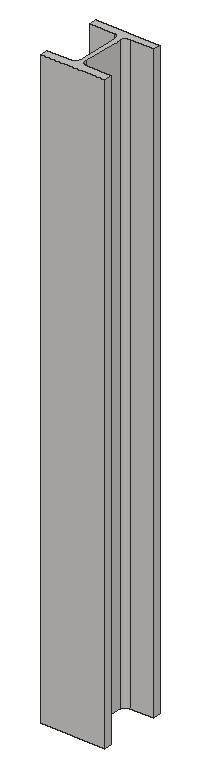
Revit family "NLRS_28_SC_HEM", category Structural Columns, Revit 2020
Family settings
  Section Shape = I-shape Wide Flange
  Material for Model Behavior = Steel
  Always export as geometry = No
  Beam cutback in plan = From bounding box
  Code Name = EURONORM 53-62; DIN 1025-4
  Cut with Voids When Loaded = No
  Symbolic Representation = From Project Settings
  Shared = No
  Show family pre-cut in plan views = Yes
Parameters (values of type "HEM260")
  Width = 268 mm
  Web Thickness = 18 mm
  Web Fillet = 24 mm
  Warping Constant = (empty or 0)
  Type Comments = ""
  Torsional Moment of Inertia = 0 cm⁴
  Structural Material [instance] = h3_Structural Steel - S235
  Section Name Key = "HEM260"
  Section Area = 220.0 cm²
  Plastic Modulus weak axis = 1192 cm³
  Plastic Modulus strong axis = 2524 cm³
  Perimeter = 5.1509 (stored number, unit not read)
  Nominal Weight = 1686.7 N/m
  Moment of Inertia weak axis = 10450 cm⁴
  Moment of Inertia strong axis = 31310 cm⁴
  Height = 290 mm
  Flange Thickness = 32.5 mm
  Elastic Modulus weak axis = 780 cm³
  Elastic Modulus strong axis = 2160 cm³
  Centroid Vertical = Height / 2  # 145 mm
  Centroid Horizontal = Width / 2  # 134 mm
  Bolt Spacing = 136 mm
  Assembly Code = "2B(28.10)"
Types (24, lengths in mm): name | Width | Web Thickness | Web Fillet | Section Name Key | Section Area | Plastic Modulus weak axis | Plastic Modulus strong axis | Perimeter | Nominal Weight | Moment of Inertia weak axis | Moment of Inertia strong axis | Height | Flange Thickness | Elastic Modulus weak axis | Elastic Modulus strong axis | Centroid Vertical | Centroid Horizontal | Bolt Spacing
  HEM260 | 268 | 18 | 24 | "HEM260" | 220.0 cm² | 1192 cm³ | 2524 cm³ | 5.1509 (stored number, unit not read) | 1686.7 N/m | 10450 cm⁴ | 31310 cm⁴ | 290 | 32.5 | 780 cm³ | 2160 cm³ | 145 | 134 | 136
  HEM1000 | 302 | 21 | 30 | "HEM1000" | 444.0 cm² | 1940 cm³ | 16570 cm³ | 10.269 (stored number, unit not read) | 3422.5 N/m | 18460 cm⁴ | 722300 cm⁴ | 1008 | 40 | 1220 cm³ | 14330 cm³ | 504 | 151 | 151
  HEM900 | 302 | 21 | 30 | "HEM900" | 424.0 cm² | 1929 cm³ | 14440 cm³ | 9.6129 (stored number, unit not read) | 3265.6 N/m | 18450 cm⁴ | 570400 cm⁴ | 910 | 40 | 1220 cm³ | 12540 cm³ | 455 | 151 | 151
  HEM800 | 303 | 21 | 30 | "HEM800" | 404.0 cm² | 1930 cm³ | 12490 cm³ | 9.0223 (stored number, unit not read) | 3108.7 N/m | 18630 cm⁴ | 442600 cm⁴ | 814 | 40 | 1230 cm³ | 10870 cm³ | 407 | 151.5 | 151
  HEM700 | 304 | 21 | 27 | "HEM700" | 383.0 cm² | 1929 cm³ | 10540 cm³ | 8.399 (stored number, unit not read) | 2951.8 N/m | 18800 cm⁴ | 329300 cm⁴ | 716 | 40 | 1240 cm³ | 9200 cm³ | 358 | 152 | 145
  HEM650 | 305 | 21 | 27 | "HEM650" | 374.0 cm² | 1936 cm³ | 9657 cm³ | 8.1037 (stored number, unit not read) | 2873.3 N/m | 18980 cm⁴ | 281700 cm⁴ | 668 | 40 | 1240 cm³ | 8430 cm³ | 334 | 152.5 | 145
  HEM600 | 305 | 21 | 27 | "HEM600" | 364.0 cm² | 1930 cm³ | 8772 cm³ | 7.7756 (stored number, unit not read) | 2794.9 N/m | 18970 cm⁴ | 237400 cm⁴ | 620 | 40 | 1240 cm³ | 7660 cm³ | 310 | 152.5 | 145
  HEM550 | 306 | 21 | 27 | "HEM550" | 354.0 cm² | 1937 cm³ | 7933 cm³ | 7.4803 (stored number, unit not read) | 2726.2 N/m | 19160 cm⁴ | 198000 cm⁴ | 572 | 40 | 1250 cm³ | 6920 cm³ | 286 | 153 | 145
  HEM500 | 306 | 21 | 27 | "HEM500" | 344.0 cm² | 1932 cm³ | 7094 cm³ | 7.1522 (stored number, unit not read) | 2647.8 N/m | 19150 cm⁴ | 161900 cm⁴ | 524 | 40 | 1250 cm³ | 6180 cm³ | 262 | 153 | 145
  HEM450 | 307 | 21 | 27 | "HEM450" | 335.0 cm² | 1939 cm³ | 6331 cm³ | 6.8898 (stored number, unit not read) | 2579.1 N/m | 19340 cm⁴ | 131500 cm⁴ | 478 | 40 | 1260 cm³ | 5500 cm³ | 239 | 153.5 | 145
  HEM400 | 307 | 21 | 27 | "HEM400" | 326.0 cm² | 1934 cm³ | 5571 cm³ | 6.5617 (stored number, unit not read) | 2510.5 N/m | 19330 cm⁴ | 104100 cm⁴ | 432 | 40 | 1260 cm³ | 4820 cm³ | 216 | 153.5 | 145
  HEM360 | 308 | 21 | 27 | "HEM360" | 319.0 cm² | 1942 cm³ | 4989 cm³ | 6.332 (stored number, unit not read) | 2451.7 N/m | 19520 cm⁴ | 84870 cm⁴ | 395 | 40 | 1270 cm³ | 4300 cm³ | 197.5 | 154 | 145
  HEM340 | 309 | 21 | 27 | "HEM340" | 316.0 cm² | 1953 cm³ | 4718 cm³ | 6.2336 (stored number, unit not read) | 2432 N/m | 19710 cm⁴ | 76370 cm⁴ | 377 | 40 | 1280 cm³ | 4050 cm³ | 188.5 | 154.5 | 145
  HEM320 | 309 | 21 | 27 | "HEM320" | 312.0 cm² | 1951 cm³ | 4435 cm³ | 6.1352 (stored number, unit not read) | 2402.6 N/m | 19710 cm⁴ | 68130 cm⁴ | 359 | 40 | 1280 cm³ | 3800 cm³ | 179.5 | 154.5 | 145
  HEM300 | 310 | 21 | 27 | "HEM300" | 303.0 cm² | 1913 cm³ | 4078 cm³ | 6.0039 (stored number, unit not read) | 2334 N/m | 19400 cm⁴ | 59200 cm⁴ | 340 | 39 | 1250 cm³ | 3480 cm³ | 170 | 155 | 145
  HEM280 | 288 | 18.5 | 24 | "HEM280" | 240.0 cm² | 1397 cm³ | 2966 cm³ | 5.5446 (stored number, unit not read) | 1853.4 N/m | 13160 cm⁴ | 39550 cm⁴ | 310 | 33 | 914 cm³ | 2550 cm³ | 155 | 144 | 137
  HEM240 | 248 | 18 | 21 | "HEM240" | 200.0 cm² | 1006 cm³ | 2117 cm³ | 4.79 (stored number, unit not read) | 1539.6 N/m | 8150 cm⁴ | 24290 cm⁴ | 270 | 32 | 657 cm³ | 1800 cm³ | 135 | 124 | 130
  HEM220 | 226 | 15.5 | 18 | "HEM220" | 149.0 cm² | 678.6 cm³ | 1419 cm³ | 4.3307 (stored number, unit not read) | 1147.4 N/m | 5010 cm⁴ | 14600 cm⁴ | 240 | 26 | 444 cm³ | 1220 cm³ | 120 | 113 | 122
  HEM200 | 206 | 15 | 18 | "HEM200" | 131.0 cm² | 543.2 cm³ | 1135 cm³ | 3.937 (stored number, unit not read) | 1010.1 N/m | 3650 cm⁴ | 10640 cm⁴ | 220 | 25 | 354 cm³ | 967 cm³ | 110 | 103 | 121
  HEM180 | 186 | 14.5 | 15 | "HEM180" | 113.0 cm² | 425.2 cm³ | 883.4 cm³ | 3.5761 (stored number, unit not read) | 871.81 N/m | 2580 cm⁴ | 7480 cm⁴ | 200 | 24 | 277 cm³ | 748 cm³ | 100 | 93 | 115
  HEM160 | 166 | 14 | 15 | "HEM160" | 97.1 cm² | 325.5 cm³ | 674.6 cm³ | 3.1824 (stored number, unit not read) | 747.26 N/m | 1760 cm⁴ | 5100 cm⁴ | 180 | 23 | 212 cm³ | 566 cm³ | 90 | 83 | 95
  HEM140 | 146 | 13 | 12 | "HEM140" | 80.6 cm² | 240.5 cm³ | 493.8 cm³ | 2.8117 (stored number, unit not read) | 619.78 N/m | 1140 cm⁴ | 3290 cm⁴ | 160 | 22 | 157 cm³ | 411 cm³ | 80 | 73 | 88
  HEM120 | 126 | 12.5 | 12 | "HEM120" | 66.4 cm² | 171.6 cm³ | 350.6 cm³ | 2.4213 (stored number, unit not read) | 510.92 N/m | 703 cm⁴ | 2020 cm⁴ | 140 | 21 | 112 cm³ | 288 cm³ | 70 | 63 | 83
  HEM100 | 106 | 12 | 12 | "HEM100" | 53.2 cm² | 116.3 cm³ | 235.8 cm³ | 2.0308 (stored number, unit not read) | 409.92 N/m | 399 cm⁴ | 1140 cm⁴ | 120 | 20 | 75.3 cm³ | 190 cm³ | 60 | 53 | 73
Reference planes
  plane 1 "Center (Front/Back)": y = 0
  plane 2: z = 0
  plane 3 "Center (Left/Right)": x = 0
  plane 4: x = -134
  plane 5: x = 134
  plane 6: y = 145
  plane 7: y = -145
  plane 8: x = -9
  plane 9: x = 9
Forms (mm)
  Extrusion 1, solid, material "h3_Structural Steel - S235" <- "Structural Material", detail levels medium
    sketch origin (0, 0, 0) x (1, 0, 0) y (0, 1, 0)
      loop
        line (-134, 145) -> (-134, 112.5) -> (-9, 112.5) -> (-9, -112.5) -> (-134, -112.5) -> (-134, -145) -> (134, -145) -> (134, -112.5) -> (9, -112.5) -> (9, 112.5) -> (134, 112.5) -> (134, 145) -> (-134, 145)
    from 0 to 2500
  Extrusion 2, solid, material "h3_Structural Steel - S235" <- "Structural Material", detail levels fine
    sketch origin (0, 0, 0) x (1, 0, 0) y (0, 1, 0)
      loop
        line (-134, 145) -> (-134, 112.5) -> (-33, 112.5)
        arc (-33, 112.5) -> (-16.029, 105.471) -> (-9, 88.5) r 24
        line (-9, 88.5) -> (-9, -88.5)
        arc (-9, -88.5) -> (-16.029, -105.471) -> (-33, -112.5) r 24
        line (-33, -112.5) -> (-134, -112.5) -> (-134, -145) -> (134, -145) -> (134, -112.5) -> (33, -112.5)
        arc (33, -112.5) -> (16.029, -105.471) -> (9, -88.5) r 24
        line (9, -88.5) -> (9, 88.5)
        arc (9, 88.5) -> (16.029, 105.471) -> (33, 112.5) r 24
        line (33, 112.5) -> (134, 112.5) -> (134, 145) -> (-134, 145)
    from 0 to 2500
Lines and regions (mm)
  symbolic lines, style "StructuralColumnStickSymbols", detail levels coarse
    curve 1: line (-134, 145, 0) -> (134, 145, 0)
    curve 2: line (-134, -145, 0) -> (134, -145, 0)
    curve 3: line (0, 145, 0) -> (0, -145, 0)
  symbolic lines, style "Hidden Faces", detail levels medium+fine
    curve 4: line (-9, 0, 0) -> (-9, 0, 2500)
    curve 5: line (9, 0, 2500) -> (9, 0, 0)
Dimensions and locks
  equal spacing: plane 4, plane 3 "Center (Left/Right)", plane 5
  equal spacing: plane 7, plane 1 "Center (Front/Back)", plane 6
  "Height": plane 7 to plane 6
  "Width": plane 4 to plane 5
  "Flange Thickness": plane 7 to Extrusion 1 sketch curve
  "Flange Thickness": Extrusion 1 sketch curve to plane 6
  equal spacing: Extrusion 1 sketch curve, plane 3 "Center (Left/Right)", Extrusion 1 sketch curve
  "Web Thickness": Extrusion 1 sketch curve to Extrusion 1 sketch curve
  equal spacing: plane 8, plane 3 "Center (Left/Right)", plane 9
  "Web Thickness": plane 8 to plane 9
  "Web Fillet": radius of Extrusion 2 sketch curve  (x4)
  aligned and locked: plane 6 to Extrusion 1 sketch curve
  aligned and locked: Extrusion 1 sketch curve to plane 7
  aligned and locked: Extrusion 1 sketch curve to plane 4  (x2)
  aligned and locked: plane 5 to Extrusion 1 sketch curve  (x2)
  aligned and locked: Extrusion 1 sketch curve to Extrusion 1 sketch curve  (x2)
  aligned and locked: level to Extrusion 1
  aligned and locked: level to plane 2
  aligned and locked: Extrusion 1 to plane 2
  aligned and locked: plane 6 to Extrusion 2 sketch curve
  aligned and locked: plane 5 to Extrusion 2 sketch curve  (x2)
  aligned and locked: Extrusion 2 sketch curve to plane 4  (x2)
  aligned and locked: Extrusion 2 sketch curve to Extrusion 1  (x6)
  aligned and locked: Extrusion 2 sketch curve to plane 7
  aligned and locked: level to Extrusion 2
  aligned and locked: Extrusion 2 to level
  aligned and locked: curve 4 to plane 8
  aligned and locked: level to curve 4
  aligned and locked: plane 9 to curve 5
  aligned and locked: plane 2 to curve 5
  aligned and locked: plane 2 to curve 4
  aligned and locked: Extrusion 1 to plane 6
  aligned and locked: plane 4 to Extrusion 1  (x2)
  aligned and locked: Extrusion 1 to plane 5  (x2)
  aligned and locked: plane 7 to Extrusion 1
  aligned and locked: Extrusion 1 to plane 9
  aligned and locked: plane 8 to Extrusion 1
  aligned and locked: Extrusion 2 to plane 6
  aligned and locked: plane 4 to Extrusion 2  (x2)
  aligned and locked: Extrusion 2 to plane 5  (x2)
  aligned and locked: plane 7 to Extrusion 2
  aligned and locked: plane 8 to Extrusion 2
  aligned and locked: Extrusion 2 to plane 9
  aligned and locked: plane 6 to curve 1
  aligned and locked: plane 7 to curve 2
  aligned and locked: curve 3 to plane 3 "Center (Left/Right)"
  aligned and locked: plane 5 to curve 1
  aligned and locked: plane 4 to curve 1
  aligned and locked: plane 4 to curve 2
  aligned and locked: plane 5 to curve 2
  aligned and locked: plane 6 to curve 3
  aligned and locked: plane 7 to curve 3
  aligned and locked: level to curve 5
